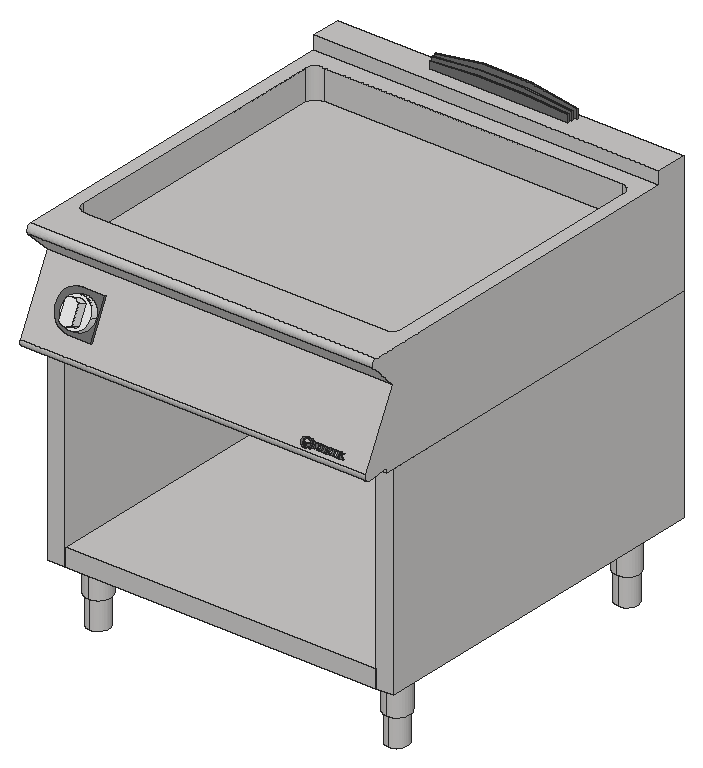
Revit family "QF_GIORIK_CM940G", category Specialty Equipment, Revit 2014
Parameters (values of type "CM940G")
  Weight in Pounds = 253.5313
  Watts = 10200 W
  Volts = 400 V
  URL Cutsheet = "www.giorik.com"
  URL = "www.giorik.com"
  Status [instance] = ""
  Specification by User [instance] = ""
  Specification by Manufacturer = ""
  Show Logo [instance] = yes
  Show Clearance [instance] = yes
  Serial Number = ""
  Seismic Rating = ""
  SMACNA No = ""
  Revision Code [instance] = ""
  Phase = 3
  Number of Poles [instance] = 3
  NAFEM Spec ID Number = ""
  Model = "CM940G"
  Min Ckt Ampacity = 0 A
  Max Overcurrent Protection = 0 A
  Masterspec = ""
  Manufacturer = "GIORIK"
  Item Number [instance] = ""
  Installed By [instance] = ""
  Identify Quantity as Lot [instance] = no
  HP = "13.678404000000"
  Furnished By [instance] = ""
  Foodservice Equipment Identifier [instance] = yes
  FL Amps = 0 A
  Electrical Remarks [instance] = ""
  Electric Connection Type [instance] = ""
  Elec Conn RI Height [instance] = 0 mm
  Elec Conn Connection Height [instance] = 150 mm
  Description = "MULTIPURPOSE BRATT PAN ON OPEN BASE UNIT, CAPACITY 24 LT"
  Cycle = 50 Hz
  Conn Plug = ""
  CSI MasterFormat = ""
  Assembly Code = "E1090320"
  Apparent Power = 10200 VA
Reference planes
  plane 1 "Back": y = 0
  plane 2: z = 0
  plane 3 "Left": x = 0
  plane 4 "Right": x = 800
  plane 5 "Front": y = -920
  plane 6 "Top": z = 900
Forms (mm)
  Extrusion 1, solid
    sketch origin (-16, 1025.948, 0) x (1, 0, 0) y (0, 1, 0)
      loop
        line (25, -1086.81) -> (25, -1156.81) -> (115, -1156.81) -> (115, -1086.81) -> (25, -1086.81)
    from 148 to 150
  Extrusion 2, solid
    sketch origin (-4, 0.138, 130) x (1, 0, 0) y (0, 1, 0)
      loop
        circle (54, -385) r 12.5
    from 0 to 20
  Extrusion 3, solid
    sketch origin (0, 800.138, -20) x (0, 1, 0) y (0, 0, 1)
      loop
        line (-800.138, 919.988) -> (-870.138, 919.988) -> (-870.138, 889.988) -> (-1688.806, 889.988)
        arc (-1688.806, 889.988) -> (-1699.151, 883.075) -> (-1696.724, 870.873) r 11.197
        line (-1696.724, 870.873) -> (-1640.876, 815.025) -> (-1718.948, 661.258)
        arc (-1718.948, 661.258) -> (-1718.233, 650.105) -> (-1708.118, 645.354) r 10.981
        line (-1708.118, 645.354) -> (-1660, 649.925) -> (-1660, 640) -> (-800.138, 640) -> (-800.138, 919.988)
    from 0 to 800
  Extrusion 4, solid
    sketch origin (0, -199.862, 599.536) x (1, 0, 0) y (0, 1, 0)
      loop
        line (0, -640) -> (40, -640) -> (40, 159.862) -> (760, 159.862) -> (760, -640) -> (800, -640) -> (800, 199.862) -> (0, 199.862) -> (0, -640)
    from -449.536 to 20.464
  Extrusion 5, solid
    sketch origin (0, -199.862, 0) x (1, 0, 0) y (0, 1, 0)
      loop
        line (40, 159.862) -> (40, -640) -> (760, -640) -> (760, 159.862) -> (40, 159.862)
    from 150 to 190
  Extrusion 6, solid
    sketch origin (-16, 360.948, 0) x (1, 0, 0) y (0, 1, 0)
      loop
        line (25, -1086.81) -> (25, -1156.81) -> (115, -1156.81) -> (115, -1086.81) -> (25, -1086.81)
    from 148 to 150
  Revolve 7, solid
    sketch origin (54, 360.948, 0) x (0, 1, 0) y (0, 0, 1)
      loop
        line (-1092.56, 66) -> (-1092.56, 148) -> (-1121.81, 148) -> (-1121.81, 0) -> (-1096.81, 0) -> (-1096.81, 66) -> (-1092.56, 66)
      axis (-1121.81, 0) -> (-1121.81, 148)
    angle from 0 to 360
  Revolve 8, solid
    sketch origin (54, 1025.948, 0) x (0, 1, 0) y (0, 0, 1)
      loop
        line (-1092.56, 66) -> (-1092.56, 148) -> (-1121.81, 148) -> (-1121.81, 0) -> (-1096.81, 0) -> (-1096.81, 66) -> (-1092.56, 66)
      axis (-1121.81, 0) -> (-1121.81, 148)
    angle from 0 to 360
  Extrusion 9, solid
    sketch origin (816, 360.948, 0) x (-1, 0, 0) y (0, -1, 0)
      loop
        line (25, 1086.81) -> (115, 1086.81) -> (115, 1156.81) -> (25, 1156.81) -> (25, 1086.81)
    from 148 to 150
  Revolve 10, solid
    sketch origin (746, 360.948, 0) x (0, 1, 0) y (0, 0, -1)
      loop
        line (-1092.56, -66) -> (-1096.81, -66) -> (-1096.81, 0) -> (-1121.81, 0) -> (-1121.81, -148) -> (-1092.56, -148) -> (-1092.56, -66)
      axis (-1121.81, 0) -> (-1121.81, -148)
    angle from 0 to 360
  Extrusion 11, solid
    sketch origin (816, -1217.672, 0) x (-1, 0, 0) y (0, -1, 0)
      loop
        line (25, -1086.81) -> (25, -1156.81) -> (115, -1156.81) -> (115, -1086.81) -> (25, -1086.81)
    from 148 to 150
  Revolve 12, solid
    sketch origin (746, -1217.672, 0) x (0, -1, 0) y (0, 0, 1)
      loop
        line (-1092.56, 66) -> (-1092.56, 148) -> (-1121.81, 148) -> (-1121.81, 0) -> (-1096.81, 0) -> (-1096.81, 66) -> (-1092.56, 66)
      axis (-1121.81, 0) -> (-1121.81, 148)
    angle from 0 to 360
  Extrusion 13, solid
    sketch origin (106, 0.138, -10.001) x (1, 0, 0) y (0, 0, 1)
      loop
        line (135, 909.989) -> (453, 909.989) -> (453, 925.527) -> (347.056, 931.749) -> (240.944, 931.749) -> (135, 925.527) -> (135, 909.989)
    from 32 to 35
  Extrusion 14, solid
    sketch origin (108, 10.138, -10.001) x (1, 0, 0) y (0, 0, 1)
      loop
        line (454, 909.989) -> (454, 928.527) -> (346.162, 939.193) -> (237.838, 939.193) -> (130, 928.527) -> (130, 909.989) -> (454, 909.989)
    from 32 to 35
  Extrusion 15, solid
    sketch origin (110, 20.138, -10.001) x (1, 0, 0) y (0, 0, 1)
      loop
        line (455, 909.989) -> (455, 930.527) -> (345.396, 947.413) -> (234.604, 947.413) -> (125, 930.527) -> (125, 909.989) -> (455, 909.989)
    from 32 to 35
  Extrusion 16, void
    sketch origin (0, -199.862, 819.988) x (0, 1, 0) y (-1, 0, 0)
      loop
        arc (90, -55) -> (82.678, -37.322) -> (65, -30) r 25
        line (65, -30) -> (-575, -30)
        arc (-575, -30) -> (-592.678, -37.322) -> (-600, -55) r 25
        line (-600, -55) -> (-600, -745)
        arc (-600, -745) -> (-592.678, -762.678) -> (-575, -770) r 25
        line (-575, -770) -> (65, -770)
        arc (65, -770) -> (82.678, -762.678) -> (90, -745) r 25
        line (90, -745) -> (90, -55)
    from -20 to 50
  Extrusion 17, solid, visible <- "Show Logo"
    sketch origin (551.604, -936.375, 609.976) x (-1, 0, 0) y (0, 0.452718, 0.891654)
      loop
        line (-118.824, 58.358) -> (-127.804, 58.358) -> (-125.523, 56.445) -> (-125.523, 48.027) -> (-127.804, 46.113) -> (-118.824, 46.113) -> (-121.105, 48.027) -> (-121.105, 56.445) -> (-118.824, 58.358)
      loop
        line (-163.721, 58.358) -> (-172.7, 58.358) -> (-170.42, 56.445) -> (-170.42, 48.027) -> (-172.7, 46.113) -> (-163.721, 46.113) -> (-166.001, 48.027) -> (-166.001, 56.445) -> (-163.721, 58.358)
      loop
        line (-174.332, 58.358) -> (-183.312, 58.358) -> (-181.031, 56.445) -> (-181.031, 52.435) -> (-186.419, 56.955) -> (-184.416, 58.358) -> (-191.268, 58.358) -> (-188.01, 56.839) -> (-185.455, 54.283) -> (-190.846, 47.858) -> (-193.396, 46.93) -> (-193.396, 46.113) -> (-184.416, 46.113) -> (-185.437, 47.571) -> (-182.443, 51.552) -> (-181.031, 50.894) -> (-181.031, 48.027) -> (-183.312, 46.113) -> (-174.332, 46.113) -> (-176.613, 48.027) -> (-176.613, 56.445) -> (-174.332, 58.358)
      loop
        line (-115.429, 62.063) -> (-115.429, 54.198)
        arc (-115.429, 54.198) -> (-111.618, 57.803) -> (-106.847, 59.986) r 16.039
        arc (-106.847, 59.986) -> (-103.314, 59.837) -> (-100.512, 57.68) r 5.851
        arc (-100.512, 57.68) -> (-98.815, 52.267) -> (-100.512, 46.853) r 9.479
        arc (-100.512, 46.853) -> (-102.406, 44.986) -> (-104.846, 43.93) r 7.236
        arc (-104.846, 43.93) -> (-107.728, 44.111) -> (-110.052, 45.825) r 5.11
        line (-110.052, 45.825) -> (-110.052, 52.001) -> (-116.141, 52.001) -> (-116.141, 45.503) -> (-117.893, 43.751) -> (-114.094, 44.769)
        arc (-114.094, 44.769) -> (-112.56, 44.947) -> (-111.129, 44.366) r 3.115
        arc (-111.129, 44.366) -> (-104.216, 42.091) -> (-97.303, 44.366) r 11.641
        arc (-97.303, 44.366) -> (-93.396, 52.107) -> (-97.303, 59.849) r 9.622
        arc (-97.303, 59.849) -> (-104.369, 62.174) -> (-111.435, 59.849) r 11.898
        line (-111.435, 59.849) -> (-115.429, 62.063)
      loop
        arc (-129.234, 56.068) -> (-135.893, 58.628) -> (-142.552, 56.068) r 9.941
        arc (-142.552, 56.068) -> (-144.234, 52.286) -> (-142.552, 48.505) r 5.093
        arc (-142.552, 48.505) -> (-135.893, 45.945) -> (-129.234, 48.505) r 9.941
        arc (-129.234, 48.505) -> (-127.552, 52.286) -> (-129.234, 56.068) r 5.093
      loop
        arc (-132.628, 54.403) -> (-135.893, 57.668) -> (-139.158, 54.403) r 3.265
        line (-139.158, 54.403) -> (-139.158, 50.169)
        arc (-139.158, 50.169) -> (-135.893, 46.904) -> (-132.628, 50.169) r 3.265
        line (-132.628, 50.169) -> (-132.628, 54.403)
      loop
        arc (-156.363, 58.365) -> (-159.647, 55.081) -> (-156.363, 51.796) r 3.285
        line (-156.363, 51.796) -> (-159.529, 47.306) -> (-162.087, 46.113) -> (-155.847, 46.113) -> (-153.529, 51.083) -> (-150.637, 51.083) -> (-150.637, 47.784) -> (-153.022, 46.113) -> (-144.011, 46.113) -> (-146.094, 47.68) -> (-146.094, 56.493) -> (-144.229, 58.365) -> (-156.363, 58.365)
      loop
        line (-150.637, 57.512) -> (-153.637, 57.512)
        arc (-153.637, 57.512) -> (-156.237, 54.912) -> (-153.637, 52.312) r 2.6
        line (-153.637, 52.312) -> (-150.637, 52.312) -> (-150.637, 57.512)
      loop
        line (-108.924, 52.001) -> (-104.936, 49.005) -> (-100.948, 52.001) -> (-108.924, 52.001)
    from 1.5 to -0.5
  Extrusion 18, solid
    sketch origin (-313.221, -1163.728, 52.852) x (1, 0, 0) y (0, 0.452718, 0.891654)
      loop
        line (463.221, 676.25) -> (463.221, 766.25) -> (409.698, 766.25)
        arc (409.698, 766.25) -> (364.698, 721.25) -> (409.698, 676.25) r 45
        line (409.698, 676.25) -> (463.221, 676.25)
    from 48 to 50
  Extrusion 19, solid
    sketch origin (461.331, -1209.079, 75.448) x (-1, 0, 0) y (0, -0.45351, -0.891251)
      loop
        circle (351.331, -721.346) r 35
    from 0 to 15
  Extrusion 20, solid
    sketch origin (461.331, -1209.079, 75.448) x (-1, 0, 0) y (0, -0.45351, -0.891251)
      loop
        arc (336.331, -743.846) -> (351.331, -748.846) -> (366.331, -743.846) r 25
        line (366.331, -743.846) -> (366.331, -698.846)
        arc (366.331, -698.846) -> (351.331, -693.846) -> (336.331, -698.846) r 25
        line (336.331, -698.846) -> (336.331, -743.846)
    from 15 to 40
Cuts and joins
  Extrusion 16 cuts Extrusion 3
Lines and regions (mm)
  symbolic lines, style "200-EquipBorder-2D"
    curve 1: line (0, -920, 0) -> (800, -920, 0)
    curve 2: line (800, -920, 0) -> (800, 0, 0)
    curve 3: line (800, 0, 0) -> (0, 0, 0)
    curve 4: line (0, 0, 0) -> (0, -920, 0)
    curve 26: line (95, -927.796, 900) -> (95, -920, 900)
    curve 27: line (125, -927.796, 900) -> (125, -920, 900)
    curve 28: arc (95, -927.796, 900) -> (110, -930.119, 900) -> (125, -927.796, 900) r 49.581
  symbolic lines, style "200-EquipInternal-2D"
    curve 5: line (0, -70, 900) -> (800, -70, 900)
    curve 6: line (235, -11.862, 900) -> (565, -11.862, 900)
    curve 7: line (565, -11.862, 900) -> (565, -14.862, 900)
    curve 8: line (565, -14.862, 900) -> (235, -14.862, 900)
    curve 9: line (235, -14.862, 900) -> (235, -11.862, 900)
    curve 10: line (238, -21.862, 900) -> (562, -21.862, 900)
    curve 11: line (562, -21.862, 900) -> (562, -24.862, 900)
    curve 12: line (562, -24.862, 900) -> (238, -24.862, 900)
    curve 13: line (238, -24.862, 900) -> (238, -21.862, 900)
    curve 14: line (241, -31.862, 900) -> (559, -31.862, 900)
    curve 15: line (559, -31.862, 900) -> (559, -34.862, 900)
    curve 16: line (559, -34.862, 900) -> (241, -34.862, 900)
    curve 17: line (241, -34.862, 900) -> (241, -31.862, 900)
    curve 18: arc (55, -109.862, 900) -> (37.322, -117.185, 900) -> (30, -134.862, 900) r 25
    curve 19: line (30, -134.862, 900) -> (30, -774.862, 900)
    curve 20: arc (770, -134.862, 900) -> (762.678, -117.185, 900) -> (745, -109.862, 900) r 25
    curve 21: line (770, -774.862, 900) -> (770, -134.862, 900)
    curve 22: arc (745, -799.862, 900) -> (762.678, -792.54, 900) -> (770, -774.862, 900) r 25
    curve 23: line (55, -799.862, 900) -> (745, -799.862, 900)
    curve 24: arc (30, -774.862, 900) -> (37.322, -792.54, 900) -> (55, -799.862, 900) r 25
    curve 25: line (745, -109.862, 900) -> (55, -109.862, 900)
Dimensions and locks
  plane 3 "Left" to plane 4 "Right" = 800 mm
  plane 5 "Front" to plane 1 "Back" = 920 mm
  plane 4 "Right" to plane 3 "Left" = 800 mm
  plane 1 "Back" to plane 5 "Front" = 920 mm
  plane 6 "Top" to level = 900 mm  (x2)
  aligned and locked: level to plane 2
Connectors
  electrical at (50, -384.862, 130), driven by "Apparent Power", driven by "Volts", driven by "Number of Poles"
    settings: on Extrusion 2, index 1, voltage 400 V, apparent load 0 VA, apparent load phase1 10200 VA, apparent load phase2 0 VA, apparent load phase3 0 VA, power factor 1, load classification "Other", number of poles 3, system type 31, power factor state 1, is connector primary yes, connector utility no, sub classification motor no, connector description "Electrical connection"
